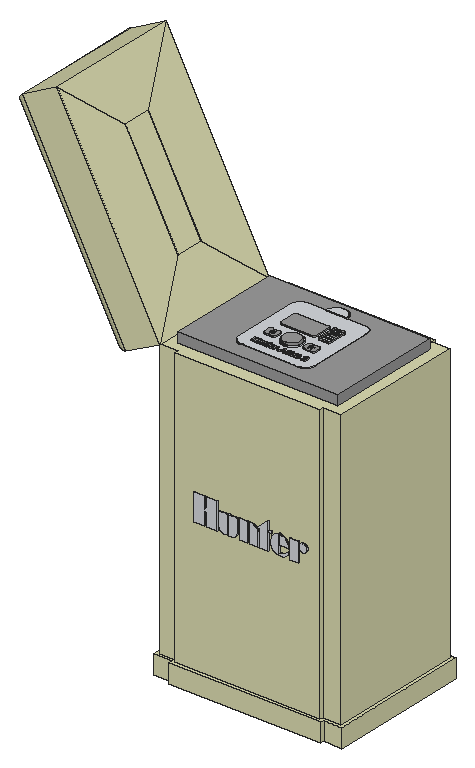
Revit family "HUNTER_A2C-Decoder Plastic Pedestal", category Electrical Equipment, Revit 2017
Family settings
  Panel Configuration = One Column
  Round Connector Dimension = Use Diameter
  Part Type = Panelboard
  OmniClass Number = 23.35.25.21
  Work Plane-Based = Yes
  Always vertical = Yes
  Cut with Voids When Loaded = No
  Shared = Yes
  Room Calculation Point = No
Parameters (values of type "A2C-75D-PP")
  Up [instance] = yes
  Type Image = <None>
  Transformer Output = "24VAC, 4.0A"  # constant formula
  Stations = "75-225 Decoder Stations"
  Sensor Input = "3 Clik, 1 Solar Sync, and 6 Flow sensor"  # constant formula
  Pump/Master Valve Contacts = "Up to 6; 3 dedicated outputs with an optional assignment to decoders"  # constant formula
  Protection Rating = "IP24"
  Power Factor = 1
  Power = Input Voltage * Current  # 240 VA
  Pedestal_Width = 610 mm
  Voltage = ""
  URL = "https://www.hunterindustries.com/irrigation-product/controllers/acc2-decoder"
  Type Comments = "Hunter's Flagship Controller"
  Pedestal_Height = 990 mm
  Pedestal Material = Hunter® Plastic
  Panel Type = "Modular Decoder"
  Panel Name [instance] = "A2C-75D-PP"
  Output Voltage = 24 V
  Number of Sensor Inputs = "Flow Input and sensor decoder"
  built-in parameter 1140081 [instance] = "Pedestal"
  Model = "ACC-75D-PP Expandable Up to 225 stations with Decoders"
  Manufacturer = "Hunter® Industries"
  Keynote = "328423.04"
  Input Voltage = 120 V
  Expansion Module = "A2C-D75 (75 Stations plug-in) Expansion Module"
  built-in parameter 1140083 [instance] = "Hunter® Plastic"
  Down [instance] = yes
  Description = "75-station base model expandable , Plastic Pedestal"
  Pedestal_Depth = 430 mm
  Default Elevation = 1219.2 mm
  Decoders = "Hunter ICD Decoders / Expandable Up to 225 stations"
  Current = if(Input Voltage = 120 V, 2 A, 1 A)  # 2 A
  Assembly Code = "D5090900"
Reference planes
  plane 1 "Center (Front/Back)": y = 0
  plane 2: z = 0
  plane 3 "Center (Left/Right)": x = 0
  plane 4: through (-232.937, -1524, 1007.151) normal (-0.8829, 0, -0.4695)
  plane 5: z = 736.593
Forms (mm)
  Sweep 1, solid, material "Hunter® Plastic" <- "Pedestal Material"
    path origin (0, 0, 0) x (1, 0, 0) y (0, 1, 0)
      loop
        line (130.5, -67) -> (130.5, 67) -> (80.5, 67) -> (80.5, 77) -> (-79.5, 77) -> (-79.5, 67) -> (-129.5, 67) -> (-129.5, -67) -> (-79.5, -67) -> (-79.5, -77) -> (80.5, -77) -> (80.5, -67) -> (130.5, -67)
    profile origin (130.5, 0, 0) x (-1, 0, 0) y (0, 0, 1)
      loop
        line (-5, 0) -> (-5, 827.151) -> (-123.437, 827.151) -> (-123.437, 52.296) -> (-132.54, 52.296) -> (-132.54, 0) -> (-5, 0)
  Extrusion 2, solid
    sketch origin (-191.736, -200.437, 85.088) x (1, 0, 0) y (0, 0, 1)
      loop
        line (44.776, 338.73) -> (74.023, 338.73) -> (74.023, 375.938) -> (80.544, 375.938) -> (80.544, 338.73) -> (109.816, 338.73) -> (109.816, 414.279) -> (80.544, 414.279) -> (80.544, 383.446) -> (74.023, 383.446) -> (74.023, 414.279) -> (44.776, 414.279) -> (44.776, 338.73)
      loop
        arc (115.008, 354.351) -> (120.37, 343.277) -> (131.826, 338.79) r 16.869
        line (131.826, 338.79) -> (138.414, 338.79) -> (138.414, 392.753) -> (115.008, 392.753) -> (115.008, 354.351)
      loop
        arc (150.087, 338.79) -> (161.53, 343.279) -> (166.869, 354.351) r 16.83
        line (166.869, 354.351) -> (166.869, 392.753) -> (143.437, 392.753) -> (143.437, 338.79) -> (150.087, 338.79)
      loop
        line (171.725, 338.798) -> (195.131, 338.798) -> (195.131, 392.956) -> (171.725, 392.956) -> (171.725, 338.798)
      loop
        arc (223.945, 377.003) -> (218.296, 388.229) -> (206.57, 392.753) r 17.459
        line (206.57, 392.753) -> (200.091, 392.753) -> (200.091, 338.79) -> (223.945, 338.79) -> (223.945, 377.003)
      loop
        line (229.427, 338.79) -> (252.092, 338.79) -> (252.092, 386.386) -> (261.45, 386.386) -> (261.45, 392.163) -> (252.092, 392.163) -> (252.092, 414.203) -> (221.119, 386.386) -> (229.427, 386.386) -> (229.427, 338.79)
      loop
        arc (310.801, 365.601) -> (303.11, 383.888) -> (285.751, 393.494) r 30.293
        line (285.751, 393.494) -> (285.751, 365.601) -> (310.801, 365.601)
      loop
        arc (281.903, 393.8) -> (259.807, 366.614) -> (280.701, 338.494) r 28.542
        arc (280.701, 338.494) -> (296.647, 340.511) -> (310.024, 349.423) r 35.111
        line (310.024, 349.423) -> (310.024, 356.56)
        arc (310.024, 356.56) -> (297.034, 348.129) -> (281.902, 344.833) r 43.098
        line (281.902, 344.833) -> (281.903, 393.8)
      loop
        line (314.04, 338.798) -> (337.241, 338.798) -> (337.241, 392.956) -> (314.04, 392.956) -> (314.04, 338.798)
      loop
        circle (350.019, 380.796) r 11.492
    from 0 to 2
  Extrusion 3, solid, material "Hunter® Plastic" <- "Pedestal Material"
    sketch origin (0, 0, 0) x (1, 0, 0) y (0, 1, 0)
      loop
        line (-134.5, 72) -> (-134.5, -72) -> (135.5, -72) -> (135.5, 72) -> (-134.5, 72)
    from 0 to 827.151
  Sweep 4, solid, material "Hunter® Plastic" <- "Pedestal Material"
    path origin (-261.018, -1489.546, 1059.962) x (0.469472, 0, -0.882948) y (0, -1, 0)
      loop
        line (210, -1299.063) -> (-405, -1299.063) -> (-405, -1679.963) -> (210, -1679.963) -> (210, -1299.063)
    profile origin (-162.428, -0.034, 874.543) x (0.469472, 0, -0.882948) y (-0.882948, 0, -0.469472)
      loop
        line (-9.532, 101.285) -> (0, 101.245) -> (-0.445, 207.99)
        arc (-0.445, 207.99) -> (-9.788, 230.283) -> (-32.157, 239.439) r 31.581
        arc (-32.157, 239.439) -> (-91.246, 244.306) -> (-150.445, 247.59) r 2216.443
        line (-150.445, 247.59) -> (-150.445, 101.872) -> (-9.532, 101.285)
  Extrusion 5, solid, material "Hunter® Plastic" <- "Pedestal Material"
    sketch origin (-169.559, -1586.26, 887.953) x (0.469472, 0, -0.882948) y (0, -1, 0)
      loop
        line (-449.368, -1546.221) -> (-449.368, -1626.231) -> (-135.257, -1626.231) -> (-135.257, -1546.221) -> (-449.368, -1546.221)
    from 101.872 to 251.075
  Extrusion 6, void
    sketch origin (0, 0, 0) x (1, 0, 0) y (0, 1, 0)
      loop
        line (-200.024, 180.437) -> (-200.024, -180.437) -> (194.363, -180.437) -> (194.363, 180.437) -> (-200.024, 180.437)
    from 52.296 to 806.887
  Extrusion 7, solid
    sketch origin (0, 0, 0) x (1, 0, 0) y (0, 1, 0)
      loop
        circle (-152, 0) r 12.5
      loop
        circle (-102, 0) r 12.5
      loop
        circle (-52, 0) r 12.5
      loop
        circle (48, 0) r 25
      loop
        circle (148, 0) r 25
    from -30.64 to 52.296
Cuts and joins
  Extrusion 6 cuts Sweep 1
  Extrusion 6 cuts Extrusion 3
Dimensions and locks
  aligned and locked: level to plane 2
  aligned and locked: Extrusion 3 sketch curve to Sweep 1  (x4)
  aligned and locked: Sweep 1 to Extrusion 3
  aligned and locked: plane 1 "Center (Front/Back)" to nested 1
  aligned and locked: plane 3 "Center (Left/Right)" to nested 1
Nested families
  nested 1: "HUNTER_A2C-1200-P" at (0, 0, 736.593), type "A2C-1200-P"
    with built-in parameter 1140081 "Wall", Max #1 Pole Breakers 0
  nested 2: "HUNTER ACC SYMBOL" at (0, 0, 0), visible <- "Up", type "SYMBOL"
    with ACC2-DECODER yes, ACC2 no
  nested 3: "HUNTER ACC SYMBOL" at (0, 90, 0), visible <- "Down", type "SYMBOL"
    with ACC2-DECODER yes, ACC2 no
Connectors
  cabletrayconduit at (-152, 0, -30.64), diameter 25
    settings: on Extrusion 7, index 2, connector width 300 mm, connector height 300 mm, connector angle 0.00°, system type 32, placement type 0, profile type 0, connector reference index -1, is primary connector yes, connector utility param no, connector description ""
  cabletrayconduit at (-102, 0, -30.64), diameter 25
    settings: on Extrusion 7, index 3, connector width 300 mm, connector height 300 mm, connector angle 0.00°, system type 32, placement type 0, profile type 0, connector reference index -1, is primary connector no, connector utility param no, connector description ""
  cabletrayconduit at (-52, 0, -30.64), diameter 25
    settings: on Extrusion 7, index 4, connector width 300 mm, connector height 300 mm, connector angle 0.00°, system type 32, placement type 0, profile type 0, connector reference index -1, is primary connector no, connector utility param no, connector description ""
  cabletrayconduit at (48, 0, -30.64), diameter 50
    settings: on Extrusion 7, index 5, connector width 300 mm, connector height 300 mm, connector angle 0.00°, system type 32, placement type 0, profile type 0, connector reference index -1, is primary connector no, connector utility param no, connector description ""
  cabletrayconduit at (148, 0, -30.64), diameter 50
    settings: on Extrusion 7, index 6, connector width 300 mm, connector height 300 mm, connector angle 0.00°, system type 32, placement type 0, profile type 0, connector reference index -1, is primary connector no, connector utility param no, connector description ""
  electrical at (-152, 0, -30.64), driven by "Power", driven by "Output Voltage"
    settings: on Extrusion 7, index 7, voltage 24 V, apparent load 240 VA, apparent load phase1 0 VA, apparent load phase2 0 VA, apparent load phase3 0 VA, power factor 1, load classification "Power", number of poles 1, system type 30, power factor state 1, is connector primary yes, connector utility no, sub classification motor no, connector description ""
  electrical at (-102, 0, -30.64)
    settings: on Extrusion 7, index 8, voltage 0 V, apparent load 0 VA, apparent load phase1 0 VA, apparent load phase2 0 VA, apparent load phase3 0 VA, power factor 1, load classification "Other", number of poles 1, system type 14, power factor state 1, is connector primary no, connector utility no, sub classification motor no, connector description "Flow1"
  electrical at (-52, 0, -30.64)
    settings: on Extrusion 7, index 9, voltage 0 V, apparent load 0 VA, apparent load phase1 0 VA, apparent load phase2 0 VA, apparent load phase3 0 VA, power factor 1, load classification "Other", number of poles 1, system type 14, power factor state 1, is connector primary no, connector utility no, sub classification motor no, connector description "RC Sensor"
  electrical at (48, 0, -30.64), driven by "Output Voltage"
    settings: on Extrusion 7, index 10, voltage 24 V, apparent load 0 VA, apparent load phase1 0 VA, apparent load phase2 0 VA, apparent load phase3 0 VA, power factor 1, load classification "Other", number of poles 1, system type 30, power factor state 1, is connector primary no, connector utility no, sub classification motor no, connector description "P/M1"
  electrical at (148, 0, -30.64), driven by "Output Voltage"
    settings: on Extrusion 7, index 11, voltage 24 V, apparent load 0 VA, apparent load phase1 0 VA, apparent load phase2 0 VA, apparent load phase3 0 VA, power factor 1, load classification "Other", number of poles 1, system type 30, power factor state 1, is connector primary no, connector utility no, sub classification motor no, connector description "P/M2"
  electrical at (-102, 0, -30.64)
    settings: on Extrusion 7, index 12, voltage 0 V, apparent load 0 VA, apparent load phase1 0 VA, apparent load phase2 0 VA, apparent load phase3 0 VA, power factor 1, load classification "Other", number of poles 1, system type 14, power factor state 1, is connector primary no, connector utility no, sub classification motor no, connector description "Flow2"
  electrical at (-102, 0, -30.64)
    settings: on Extrusion 7, index 13, voltage 0 V, apparent load 0 VA, apparent load phase1 0 VA, apparent load phase2 0 VA, apparent load phase3 0 VA, power factor 1, load classification "Other", number of poles 1, system type 14, power factor state 1, is connector primary no, connector utility no, sub classification motor no, connector description "Flow3"
  electrical at (148, 0, -30.64), driven by "Output Voltage"
    settings: on Extrusion 7, index 14, voltage 24 V, apparent load 0 VA, apparent load phase1 0 VA, apparent load phase2 0 VA, apparent load phase3 0 VA, power factor 1, load classification "Other", number of poles 1, system type 30, power factor state 1, is connector primary no, connector utility no, sub classification motor no, connector description "P/M3"
  electrical at (-102, 0, -30.64)
    settings: on Extrusion 7, index 15, voltage 0 V, apparent load 0 VA, apparent load phase1 0 VA, apparent load phase2 0 VA, apparent load phase3 0 VA, power factor 1, load classification "Other", number of poles 1, system type 14, power factor state 1, is connector primary no, connector utility no, sub classification motor no, connector description "Flow6"
  electrical at (-102, 0, -30.64)
    settings: on Extrusion 7, index 16, voltage 0 V, apparent load 0 VA, apparent load phase1 0 VA, apparent load phase2 0 VA, apparent load phase3 0 VA, power factor 1, load classification "Other", number of poles 1, system type 14, power factor state 1, is connector primary no, connector utility no, sub classification motor no, connector description "Flow5"
  electrical at (-102, 0, -30.64)
    settings: on Extrusion 7, index 17, voltage 0 V, apparent load 0 VA, apparent load phase1 0 VA, apparent load phase2 0 VA, apparent load phase3 0 VA, power factor 1, load classification "Other", number of poles 1, system type 14, power factor state 1, is connector primary no, connector utility no, sub classification motor no, connector description "Flow4"
  electrical at (-52, 0, -30.64)
    settings: on Extrusion 7, index 18, voltage 0 V, apparent load 0 VA, apparent load phase1 0 VA, apparent load phase2 0 VA, apparent load phase3 0 VA, power factor 1, load classification "Other", number of poles 1, system type 14, power factor state 1, is connector primary no, connector utility no, sub classification motor no, connector description "FC Sensor"
  electrical at (-52, 0, -30.64)
    settings: on Extrusion 7, index 19, voltage 0 V, apparent load 0 VA, apparent load phase1 0 VA, apparent load phase2 0 VA, apparent load phase3 0 VA, power factor 1, load classification "Other", number of poles 1, system type 14, power factor state 1, is connector primary no, connector utility no, sub classification motor no, connector description "WC Sensor"
  electrical at (253.937, 0, 439.724)
    settings: on cut or joined group of Sweep 1, Extrusion 6, index 20, voltage 0 V, apparent load 0 VA, apparent load phase1 0 VA, apparent load phase2 0 VA, apparent load phase3 0 VA, power factor 1, load classification "Other", number of poles 1, system type 14, power factor state 1, is connector primary no, connector utility no, sub classification motor no, connector description "Solar Sync"
  electrical at (148, 0, -30.64), driven by "Output Voltage"
    settings: on Extrusion 7, index 21, voltage 24 V, apparent load 0 VA, apparent load phase1 0 VA, apparent load phase2 0 VA, apparent load phase3 0 VA, power factor 1, load classification "Other", number of poles 1, system type 30, power factor state 1, is connector primary no, connector utility no, sub classification motor no, connector description "P/M6"
  electrical at (148, 0, -30.64), driven by "Output Voltage"
    settings: on Extrusion 7, index 22, voltage 24 V, apparent load 0 VA, apparent load phase1 0 VA, apparent load phase2 0 VA, apparent load phase3 0 VA, power factor 1, load classification "Other", number of poles 1, system type 30, power factor state 1, is connector primary no, connector utility no, sub classification motor no, connector description "P/M5"
  electrical at (148, 0, -30.64), driven by "Output Voltage"
    settings: on Extrusion 7, index 23, voltage 24 V, apparent load 0 VA, apparent load phase1 0 VA, apparent load phase2 0 VA, apparent load phase3 0 VA, power factor 1, load classification "Other", number of poles 1, system type 30, power factor state 1, is connector primary no, connector utility no, sub classification motor no, connector description "P/M4"
Definition of nested family "HUNTER_A2C-1200-P"
  Parameters (values of type "A2C-1200-P")
    Width = 412 mm
    Voltage = "120"
    URL = "https://www.hunterindustries.com/irrigation-product/controllers/acc"
    Type Comments = "Hunter's Flagship Controller"
    Output Voltage = 24 V
    Input Voltage = 120 V
    Sensor Inputs = "3 Clik, 3 Flow (expandable to 6), 1 Solar Sync"
    Pump/Master Valve Contacts = "3, expandable to 6, 0.8A"
    Protection Rating = "IP24"
    Power factor = 1
    Power = Rated Current * Input Voltage  # 122.4 VA
    built-in parameter 1140081 [instance] = "Wall"
    Model = "A2C-1200-P"
    Max #1 Pole Breakers [instance] = 0
    Material = none
    Manufacturer = "Hunter® Industries"
    Height = 409 mm
    Description = "12-Station base unit controller, expands to 42 stations, metal cabinet"
    Depth = 166 mm
    Default Elevation = 1200 mm
    Rated Current = if(Input Voltage = 120 V, 1.02 A, 0.62 A)  # 1.02 A
    Controller = none
    Assembly Code = "D5090900"
  Reference planes
    plane 1 "Center (Front/Back)": y = 0
    plane 2: z = 0
    plane 3 "Center (Left/Right)": x = 0
  Forms (mm)
    Extrusion 1, solid
      sketch origin (0, 0, 0) x (1, 0, 0) y (0, 1, 0)
        loop
          line (-1219.2, 1219.2) -> (-1219.2, -1219.2) -> (1219.2, -1219.2) -> (1219.2, 1219.2) -> (-1219.2, 1219.2)
      from 0 to -304.8
    Extrusion 2, solid, material <- "Material"
      sketch origin (0, 0, 166) x (1, 0, 0) y (0, 1, 0)
        loop
          line (220.9, 160.45) -> (-226, 160.45) -> (-226, -160.45) -> (220.9, -160.45) -> (220.9, 160.45)
      from -113.095 to -49.145
    Extrusion 3, solid, material <- "Controller"
      sketch origin (-34.528, -11.343, 116.855) x (1, 0, 0) y (0, 1, 0)
        loop
          line (-45.076, -77.894) -> (-38.531, -77.894) -> (-38.531, -69.571) -> (-37.073, -69.571) -> (-37.073, -77.894) -> (-30.528, -77.894) -> (-30.528, -60.994) -> (-37.073, -60.994) -> (-37.073, -67.893) -> (-38.535, -67.893) -> (-38.535, -60.994) -> (-45.076, -60.994) -> (-45.076, -77.894)
        loop
          line (-29.368, -65.814) -> (-29.368, -74.402)
          arc (-29.368, -74.402) -> (-28.203, -77.009) -> (-25.485, -77.881) r 3.5
          line (-25.485, -77.881) -> (-24.131, -77.881) -> (-24.131, -65.814) -> (-29.368, -65.814)
        loop
          line (-23.004, -77.881) -> (-21.641, -77.881)
          arc (-21.641, -77.881) -> (-18.928, -77.004) -> (-17.767, -74.4) r 3.501
          line (-17.767, -74.4) -> (-17.767, -65.814) -> (-23.004, -65.814) -> (-23.004, -77.881)
        loop
          line (-16.681, -65.767) -> (-16.681, -77.878) -> (-11.446, -77.878) -> (-11.446, -65.767) -> (-16.681, -65.767)
        loop
          line (-10.336, -77.881) -> (-5, -77.881) -> (-5, -69.332)
          arc (-5, -69.332) -> (-6.282, -66.823) -> (-8.913, -65.814) r 3.935
          line (-8.913, -65.814) -> (-10.336, -65.814) -> (-10.336, -77.881)
        loop
          line (-5.633, -67.237) -> (-3.775, -67.237) -> (-3.775, -77.881) -> (1.294, -77.881) -> (1.294, -67.237) -> (3.389, -67.237) -> (3.389, -65.943) -> (1.294, -65.943) -> (1.294, -61.012) -> (-5.633, -67.237)
        loop
          line (7.965, -76.527) -> (7.965, -65.646)
          arc (7.965, -65.646) -> (1.849, -71.762) -> (7.965, -77.879) r 6.116
          arc (7.965, -77.879) -> (11.389, -77.274) -> (14.397, -75.532) r 9.987
          line (14.397, -75.532) -> (14.397, -74.044)
          arc (14.397, -74.044) -> (11.472, -76.039) -> (7.965, -76.527) r 7.764
        loop
          arc (14.397, -71.882) -> (13.09, -67.452) -> (8.824, -65.68) r 5.364
          line (8.824, -65.68) -> (8.824, -71.882) -> (14.397, -71.882)
        loop
          line (15.15, -77.879) -> (20.342, -77.879) -> (20.342, -65.768) -> (15.15, -65.768) -> (15.15, -77.879)
        loop
          circle (23.29, -68.488) r 2.319
        loop
          line (29.184, -77.879) -> (33.921, -77.879) -> (35.162, -75.435) -> (43.756, -75.435) -> (45.074, -77.879) -> (49.791, -77.879) -> (44.98, -69.124) -> (40.348, -69.124) -> (42.171, -72.455) -> (36.747, -72.455) -> (39.416, -67.419) -> (44.041, -67.419) -> (42.19, -64.052) -> (36.671, -64.052) -> (29.184, -77.879)
        loop
          line (51.117, -67.423) -> (58.002, -67.452) -> (62.624, -67.452)
          arc (62.624, -67.452) -> (63.702, -67.669) -> (64.61, -68.287) r 2.777
          line (64.61, -68.287) -> (64.61, -69.113) -> (68.851, -69.113)
          arc (68.851, -69.113) -> (66.822, -65.928) -> (63.637, -63.9) r 8.713
          line (63.637, -63.9) -> (56.341, -63.9)
          arc (56.341, -63.9) -> (53.212, -64.896) -> (51.117, -67.423) r 5.836
        loop
          line (50.993, -69.105) -> (50.993, -73.552)
          arc (50.993, -73.552) -> (53.305, -76.791) -> (57.086, -78.032) r 6.382
          line (57.086, -78.032) -> (63.923, -78.032)
          arc (63.923, -78.032) -> (67.03, -77.056) -> (69.022, -74.479) r 5.437
          line (69.022, -74.479) -> (69.022, -72.57) -> (64.782, -72.57)
          arc (64.782, -72.57) -> (64.726, -73.774) -> (63.748, -74.479) r 1.386
          line (63.748, -74.479) -> (62.299, -74.479) -> (57.774, -74.479)
          arc (57.774, -74.479) -> (56.058, -73.769) -> (55.348, -72.053) r 2.426
          line (55.348, -72.053) -> (55.348, -69.105) -> (50.993, -69.105)
        loop
          line (71.456, -67.423) -> (78.341, -67.452) -> (82.963, -67.452)
          arc (82.963, -67.452) -> (84.04, -67.669) -> (84.949, -68.287) r 2.777
          line (84.949, -68.287) -> (84.949, -69.113) -> (89.189, -69.113)
          arc (89.189, -69.113) -> (87.161, -65.928) -> (83.976, -63.9) r 8.713
          line (83.976, -63.9) -> (76.679, -63.9)
          arc (76.679, -63.9) -> (73.551, -64.896) -> (71.456, -67.423) r 5.836
        loop
          line (71.332, -69.105) -> (71.332, -73.552)
          arc (71.332, -73.552) -> (73.643, -76.791) -> (77.424, -78.032) r 6.382
          line (77.424, -78.032) -> (84.261, -78.032)
          arc (84.261, -78.032) -> (87.369, -77.056) -> (89.361, -74.479) r 5.437
          line (89.361, -74.479) -> (89.361, -72.57) -> (85.121, -72.57)
          arc (85.121, -72.57) -> (85.065, -73.774) -> (84.087, -74.479) r 1.386
          line (84.087, -74.479) -> (82.638, -74.479) -> (78.112, -74.479)
          arc (78.112, -74.479) -> (76.397, -73.769) -> (75.686, -72.053) r 2.426
          line (75.686, -72.053) -> (75.686, -69.105) -> (71.332, -69.105)
        loop
          spline (96.394, -66.778) -> (98.436, -65.434) -> (99.863, -64.872) -> (100.805, -64.885) -> (101.391, -65.268) -> (101.753, -65.814) -> (101.968, -66.381) -> (101.963, -67.025) -> (101.636, -67.832) -> (100.885, -68.891) -> (99.61, -70.29) -> (97.709, -72.117) -> (95.08, -74.46)
          line (95.08, -74.46) -> (95.08, -77.796) -> (107.201, -77.796) -> (107.201, -74.084) -> (101.657, -74.084)
          spline (101.657, -74.084) -> (104.307, -71.114) -> (105.915, -68.623) -> (106.652, -66.558) -> (106.688, -64.868) -> (106.194, -63.501) -> (105.34, -62.403) -> (104.291, -61.526) -> (103.098, -60.888) -> (101.675, -60.59) -> (99.927, -60.737) -> (97.76, -61.434) -> (95.08, -62.786)
          line (95.08, -62.786) -> (96.394, -66.778)
      from 0 to 2
    Extrusion 4, solid
      sketch origin (-10, -26.568, 116.855) x (1, 0, 0) y (0, 1, 0)
        loop
          line (86.812, 143.135) -> (35.906, 143.135)
          arc (35.906, 143.135) -> (5.906, 173.135) -> (-24.094, 143.135) r 30
          line (-24.094, 143.135) -> (-75, 143.135)
          arc (-75, 143.135) -> (-92.678, 135.813) -> (-100, 118.135) r 25
          line (-100, 118.135) -> (-100, -65)
          arc (-100, -65) -> (-92.678, -82.678) -> (-75, -90) r 25
          line (-75, -90) -> (86.812, -90)
          arc (86.812, -90) -> (104.49, -82.678) -> (111.812, -65) r 25
          line (111.812, -65) -> (111.812, 118.135)
          arc (111.812, 118.135) -> (104.49, 135.813) -> (86.812, 143.135) r 25
      from 0 to 1
    Extrusion 5, solid
      sketch origin (-39.299, 7.21, 116.855) x (1, 0, 0) y (0, 1, 0)
        loop
          circle (33.505, -42.64) r 27.961
      from 0 to 3
    Extrusion 6, void
      sketch origin (-39.299, 7.21, 116.855) x (0, 1, 0) y (1, 0, 0)
        loop
          circle (-42.64, 33.505) r 25.523
      from -10 to 0
    Extrusion 7, solid, material <- "Controller"
      sketch origin (-33.549, 44.851, 116.855) x (1, 0, 0) y (0, 1, 0)
        loop
          circle (27.755, -80.282) r 23.523
      from 0 to 8
    Extrusion 8, solid, material <- "Controller"
      sketch origin (-29.891, -32.058, 116.855) x (1, 0, 0) y (0, 1, 0)
        loop
          line (45.158, 95.853) -> (-38.508, 95.853)
          arc (-38.508, 95.853) -> (-43.863, 93.635) -> (-46.081, 88.28) r 7.573
          line (-46.081, 88.28) -> (-46.081, 46.079)
          arc (-46.081, 46.079) -> (-43.789, 40.546) -> (-38.255, 38.254) r 7.826
          line (-38.255, 38.254) -> (48.266, 38.254)
          arc (48.266, 38.254) -> (51.801, 39.718) -> (53.266, 43.254) r 5
          line (53.266, 43.254) -> (53.266, 87.745)
          arc (53.266, 87.745) -> (50.891, 93.478) -> (45.158, 95.853) r 8.108
        loop
          line (87.177, 97.747) -> (69.164, 97.747)
          arc (69.164, 97.747) -> (63.809, 95.529) -> (61.591, 90.174) r 7.573
          line (61.591, 90.174) -> (61.591, 44.185)
          arc (61.591, 44.185) -> (63.883, 38.651) -> (69.417, 36.359) r 7.826
          line (69.417, 36.359) -> (90.284, 36.359)
          arc (90.284, 36.359) -> (93.82, 37.824) -> (95.284, 41.359) r 5
          line (95.284, 41.359) -> (95.284, 89.639)
          arc (95.284, 89.639) -> (92.91, 95.372) -> (87.177, 97.747) r 8.108
        loop
          line (64.617, 80.672) -> (92.068, 80.672) -> (92.068, 92.115) -> (64.617, 92.115) -> (64.617, 80.672)
        loop
          line (64.617, 67.236) -> (92.068, 67.236) -> (92.068, 78.678) -> (64.617, 78.678) -> (64.617, 67.236)
        loop
          line (64.617, 53.799) -> (92.068, 53.799) -> (92.068, 65.242) -> (64.617, 65.242) -> (64.617, 53.799)
        loop
          line (64.617, 40.363) -> (92.068, 40.363) -> (92.068, 51.805) -> (64.617, 51.805) -> (64.617, 40.363)
        loop
          line (87.177, 10.451) -> (69.164, 10.451)
          arc (69.164, 10.451) -> (63.809, 8.233) -> (61.591, 2.879) r 7.573
          line (61.591, 2.879) -> (61.591, -8.907)
          arc (61.591, -8.907) -> (63.883, -14.441) -> (69.417, -16.733) r 7.826
          line (69.417, -16.733) -> (90.284, -16.733)
          arc (90.284, -16.733) -> (93.82, -15.268) -> (95.284, -11.733) r 5
          line (95.284, -11.733) -> (95.284, 2.344)
          arc (95.284, 2.344) -> (92.91, 8.077) -> (87.177, 10.451) r 8.108
        loop
          line (72.718, -9.207) -> (76.547, -9.207) -> (76.547, -3.464) -> (80.375, -3.464) -> (80.375, -9.207) -> (84.177, -9.207) -> (84.177, -2.839) -> (78.677, 1.34) -> (72.718, -2.832) -> (72.718, -9.207)
        loop
          line (71.466, -2.979) -> (78.537, 2.278) -> (85.456, -2.979) -> (85.456, -1.644) -> (78.419, 3.703) -> (75.882, 1.761) -> (75.882, 2.891) -> (73.383, 2.891) -> (73.383, -0.118) -> (71.466, -1.354) -> (71.466, -2.979)
        loop
          line (-22.823, 10.451) -> (-40.836, 10.451)
          arc (-40.836, 10.451) -> (-46.191, 8.233) -> (-48.409, 2.879) r 7.573
          line (-48.409, 2.879) -> (-48.409, -8.907)
          arc (-48.409, -8.907) -> (-46.117, -14.441) -> (-40.583, -16.733) r 7.826
          line (-40.583, -16.733) -> (-19.716, -16.733)
          arc (-19.716, -16.733) -> (-16.18, -15.268) -> (-14.716, -11.733) r 5
          line (-14.716, -11.733) -> (-14.716, 2.344)
          arc (-14.716, 2.344) -> (-17.09, 8.077) -> (-22.823, 10.451) r 8.108
        loop
          line (-29.534, -6.07) -> (-35.153, -6.07) -> (-35.153, -8.373) -> (-29.534, -8.373) -> (-28.695, -8.301) -> (-27.862, -8.089) -> (-27.067, -7.743) -> (-26.336, -7.273) -> (-25.699, -6.692) -> (-25.17, -6.012) -> (-24.76, -5.254) -> (-24.476, -4.433) -> (-24.33, -3.583) -> (-24.33, -2.719) -> (-24.476, -1.868) -> (-24.76, -1.048) -> (-25.17, -0.289) -> (-25.699, 0.391) -> (-26.336, 0.971) -> (-27.067, 1.442) -> (-27.862, 1.788) -> (-28.696, 2) -> (-29.534, 2.072) -> (-33.239, 2.072) -> (-33.239, 4.143) -> (-35.843, 2.387) -> (-38.339, 0.877) -> (-35.817, -0.59) -> (-33.239, -2.238) -> (-33.239, -0.231) -> (-29.534, -0.231)
          arc (-29.534, -0.231) -> (-26.615, -3.151) -> (-29.534, -6.07) r 2.92
      from 0 to 3
    Extrusion 9, solid
      sketch origin (0, 0, 116.855) x (1, 0, 0) y (0, 1, 0)
        loop
          arc (23.906, 116.568) -> (-4.094, 144.568) -> (-32.094, 116.568) r 28
          line (-32.094, 116.568) -> (23.906, 116.568)
      from 0 to 2
  Cuts and joins
    Extrusion 6 cuts Extrusion 2
    Extrusion 6 cuts Extrusion 4
    Extrusion 6 cuts Extrusion 5
  Dimensions and locks
    aligned and locked: plane 2 to Extrusion 1
    aligned and locked: level to Extrusion 1
Definition of nested family "HUNTER ACC SYMBOL"
  Parameters (values of type "SYMBOL")
    ACC2-DECODER = no
    ACC2 = yes
    ACC-99D = no
    ACC = no
  Reference planes
    plane 1 "Center (Front/Back)": y = 0
    plane 2: z = 0
    plane 3 "Center (Left/Right)": x = 0
  Lines and regions (mm)
    detail lines, in view "Ref. Level"
      curve 1: line (155.885, -90, 0) -> (0, 180, 0)
      curve 2: line (0, 180, 0) -> (-155.885, -90, 0)
      curve 3: line (-155.885, -90, 0) -> (155.885, -90, 0)
